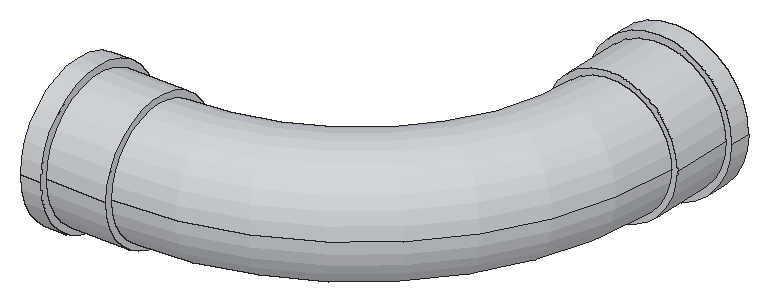
Revit family "Dobrado - PVC - CW", category Conexões de tubo, Revit 2019
Family settings
  Cota do conector redondo = Usar raio
  Tipo de parte = Cotovelo
  ID de item do Seek = Elbow - Generic-0000-CAN-ENU
  Com base no plano de trabalho = Não
  Sempre na vertical = Sim
  Corte com vazios quando carregada = Não
  Compartilhado = Não
Parameters (values of type "Padrão")
  Tamanho da marca de revisão [instance] = Diâmetro externo da conexão * 0.4  # 9.6 mm
  Raio nominal [instance] = 10 mm
  Diâmetro nominal [instance] = Raio nominal * 2  # 20 mm
  Método de perda = Coeficiente K da tabela
  Nome da tabela de pesquisa = "BR_Bend - PVC - CW"
  Tabela de coeficiente K = "Cotovelo regular 45, 90 e 180"
  Raio externo da conexão [instance] = Diâmetro externo da conexão / 2  # 12 mm
  Diâmetro externo da conexão [instance] = size_lookup(Nome da tabela de pesquisa, "FOD", 1.2013 * Diâmetro nominal - 0.10 mm, Diâmetro nominal)  # 24 mm
  Centro para a parte inferior do soquete [instance] = Raio do centro * tan(Ângulo / 2)  # 50 mm
  Raio do centro [instance] = size_lookup(Nome da tabela de pesquisa, "CRad", 2.5072 * Diâmetro nominal + 1.70 mm, Diâmetro nominal)  # 50 mm
  Espessura do anel [instance] = Profundidade do soquete * 0.25  # 4 mm
  Profundidade do soquete [instance] = size_lookup(Nome da tabela de pesquisa, "SDep", 0.5521 * Diâmetro nominal + 4.10 mm, Diâmetro nominal)  # 16 mm
  Raio externo do anel [instance] = Raio externo do soquete * 1.1  # 14.52 mm
  Raio externo do soquete [instance] = Raio externo da conexão * 1.1  # 13.2 mm
  Ângulo [instance] = 90.00°
Reference planes
  plane 1 "Centro (Frente/Trás)": y = 0
  plane 2: z = 0
  plane 3 "Centro (Esquerda/Direita)": x = 0
  plane 4: x = -50
  plane 5: y = 50
  plane 6: y = 9.6
  plane 7: y = -9.6
Forms (mm)
  Sweep 1, solid, detail levels fine
    path in 3D
      loop
        arc (-50, 0, 0) -> (-14.645, 14.645, 0) -> (0, 50, 0) r 50
    profile origin (-14.645, 14.645, 0) x (-0.707107, 0.707107, 0) y (0, 0, 1)
      loop
        circle (0, 0) r 12
  Sweep 2, solid, detail levels fine
    path in 3D
      loop
        line (0, 50, 0) -> (0, 66, 0)
    profile origin (0, 58, 0) x (-1, 0, 0) y (0, 0, 1)
      loop
        circle (0, 0) r 13.2
  Sweep 3, solid, detail levels fine
    path in 3D
      loop
        line (-50, 0, 0) -> (-66, 0, 0)
    profile origin (-58, 0, 0) x (0, -1, 0) y (0, 0, 1)
      loop
        circle (0, 0) r 13.2
  Sweep 4, solid, detail levels fine
    path in 3D
      loop
        line (0, 66, 0) -> (0, 62, 0)
    profile origin (0, 64, 0) x (1, 0, 0) y (0, 0, 1)
      loop
        circle (0, 0) r 14.52
  Sweep 5, solid, detail levels fine
    path in 3D
      loop
        line (-66, 0, 0) -> (-62, 0, 0)
    profile origin (-64, 0, 0) x (0, 1, 0) y (0, 0, 1)
      loop
        circle (0, 0) r 14.52
Cuts and joins
  joined: Sweep 1, Sweep 2, Sweep 3, Sweep 4, Sweep 5
Lines and regions (mm)
  reference lines
    curve 1: line (-50, 50, 0) -> (-5.55, 50, 0)
    curve 2: arc (-50, 0, 0) -> (-14.645, 14.645, 0) -> (0, 50, 0) r 50
    curve 3: line (0, 0, 0) -> (0, 19.05, 0)
    curve 4: line (-9.6, 50, 0) -> (-9.6, 9.777, 0)
    curve 5: line (9.6, 0, 0) -> (9.6, 50, 0)
    curve 8: line (-50, 0, 0) -> (-66, 0, 0)
    curve 9: line (0, 50, 0) -> (0, 66, 0)
    curve 12: line (0, 66, 0) -> (0, 62, 0)
    curve 14: line (-66, 0, 0) -> (-62, 0, 0)
  model lines, detail levels coarse+medium
    curve 6: arc (-50, 0, 0) -> (-14.645, 14.645, 0) -> (0, 50, 0) r 50
    curve 16: line (-66, -9.6, 0) -> (-66, 9.6, 0)
    curve 17: line (-50, 0, 0) -> (-66, 0, 0)
    curve 18: line (-9.6, 66, 0) -> (9.6, 66, 0)
    curve 19: line (0, 50, 0) -> (0, 66, 0)
  sketch lines
    curve 7: arc (-50, 0, 0) -> (-14.645, 14.645, 0) -> (0, 50, 0) r 50
    curve 10: line (0, 50, 0) -> (0, 66, 0)
    curve 11: line (-50, 0, 0) -> (-66, 0, 0)
    curve 13: line (0, 66, 0) -> (0, 62, 0)
    curve 15: line (-66, 0, 0) -> (-62, 0, 0)
Dimensions and locks
  "Centro para a parte inferior do soquete": plane 4 to plane 3 "Centro (Esquerda/Direita)"
  "Raio do centro": plane 5 to plane 1 "Centro (Frente/Trás)"
  "Tamanho da marca de revisão": plane 6 to plane 1 "Centro (Frente/Trás)"
  "Tamanho da marca de revisão": plane 7 to plane 1 "Centro (Frente/Trás)"
  "Tamanho da marca de revisão": curve 3 to curve 4
  "Tamanho da marca de revisão": curve 5 to curve 3
  "Profundidade do soquete": curve 9 to curve 9
  "Profundidade do soquete": curve 8 to curve 8
  "Espessura do anel": curve 12 to curve 12
  "Espessura do anel": curve 14 to curve 14
  "Raio do centro": radius of curve 2
  "Raio externo da conexão": radius of Sweep 1 sketch curve
  "Raio externo do soquete": radius of Sweep 2 sketch curve
  "Raio externo do soquete": radius of Sweep 3 sketch curve
  "Raio externo do anel": radius of Sweep 4 sketch curve
  "Raio externo do anel": radius of Sweep 5 sketch curve
  "Ângulo": angle plane 4 to curve 1
  "Ângulo": angle curve 2 to curve 2
  "Ângulo": angle plane 1 "Centro (Frente/Trás)" to curve 3
  "Ângulo": angle curve 6 to curve 6
  angle curve 9 to curve 1 = 90.00°
  angle curve 12 to curve 1 = 90.00°
  angle curve 18 to curve 5 = 90.00°
  angle curve 19 to curve 1 = 90.00°
  aligned and locked: plane 4 to curve 1
  aligned and locked: plane 5 to curve 1
  aligned and locked: plane 5 to curve 2
  aligned and locked: plane 4 to curve 2  (x2)
  aligned and locked: plane 1 "Centro (Frente/Trás)" to curve 3
  aligned and locked: plane 3 "Centro (Esquerda/Direita)" to curve 3
  aligned and locked: curve 6 to curve 2
  aligned and locked: plane 6 to curve 16
  aligned and locked: plane 7 to curve 16
  aligned and locked: curve 16 to curve 14
  aligned and locked: curve 5 to curve 18
  aligned and locked: curve 18 to curve 4
  aligned and locked: curve 18 to curve 12
Automatic sketch dimensions
  Sweep 1 sketch curve to profile plane = 0.00 mm
  profile plane to Sweep 1 sketch curve = 0.00 mm
  curve 1 to curve 5 = 0.00 mm
  curve 1 to curve 4 = 0.00 mm
  curve 3 to curve 5 = 0.00 mm
  curve 4 to curve 1 = 40.223 mm
  Sweep 2 sketch curve to profile plane = 0.00 mm  (x2)
  Sweep 3 sketch curve to profile plane = 0.00 mm  (x2)
  profile plane to Sweep 4 sketch curve = 0.00 mm
  Sweep 4 sketch curve to profile plane = 0.00 mm
  Sweep 5 sketch curve to profile plane = 0.00 mm  (x2)
Connectors
  piping at (-66, 0, 0), diameter 20, driven by "Raio nominal", driven by "Ângulo"
    settings: on cut or joined group of Sweep 1, Sweep 2, Sweep 3, Sweep 4, Sweep 5, index 1, connector inside diameter 20 mm, connector length 0.00 mm, flow factor 0, pipe flow 0.0 L/s, pressure drop 0.0 Pa, fitting loss kfactor 0, connector angle 90.00°, fixture units 0, engagement length 0.00 mm, angle of deflection 0.00°, flow configuration 0, flow direction 0, fitting loss method 0, system type 28, joint type 0, gender type 0, connector reference index 2, connector utility 0, adjustable connector no, is connector primary yes, connector description ""
  piping at (0, 66, 0), diameter 20, driven by "Raio nominal", driven by "Ângulo"
    settings: on cut or joined group of Sweep 1, Sweep 2, Sweep 3, Sweep 4, Sweep 5, index 2, connector inside diameter 20 mm, connector length 0.00 mm, flow factor 0, pipe flow 0.0 L/s, pressure drop 0.0 Pa, fitting loss kfactor 0, connector angle 90.00°, fixture units 0, engagement length 0.00 mm, angle of deflection 0.00°, flow configuration 0, flow direction 0, fitting loss method 0, system type 28, joint type 0, gender type 0, connector reference index 1, connector utility 0, adjustable connector no, is connector primary no, connector description ""
